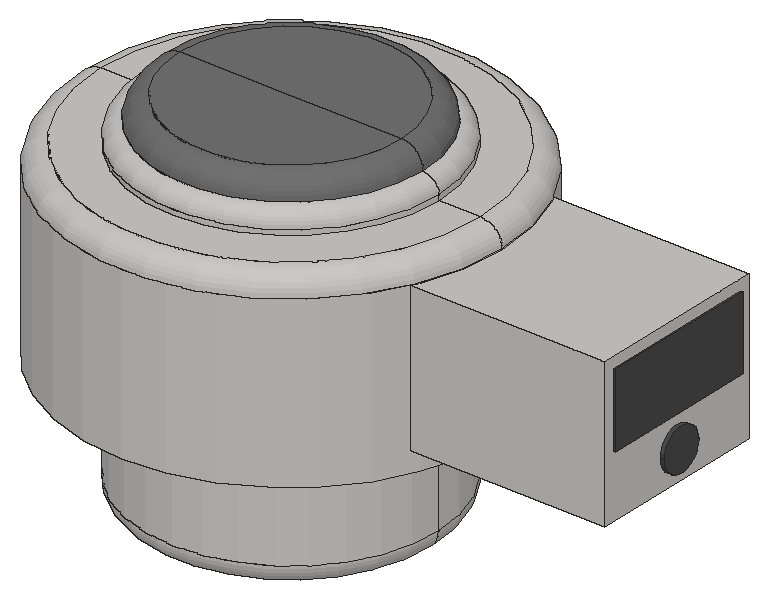
Revit family "QF_Vollrath_46110", category Specialty Equipment, Revit 2016
Family settings
  Part Type = Normal
  Round Connector Dimension = Use Diameter
  OmniClass Number = 23.40.40.14.14
  OmniClass Title = Food Preparation Equipment
  Work Plane-Based = No
  Always vertical = Yes
  Cut with Voids When Loaded = No
  Shared = No
  Room Calculation Point = No
Parameters
  Weight in Pounds = 4
  Watts = 230 W
  Volts = 230 V
  URL Cutsheet = ""
  URL = "www.vollrathco.com"
  Status [instance] = ""
  Specification by User [instance] = ""
  Specification by Manufacturer [instance] = ""
  Serial Number [instance] = ""
  Seismic Rating [instance] = ""
  SMACNA No [instance] = ""
  Revision Code [instance] = ""
  Phase = 1
  Number of Poles [instance] = 1
  NAFEM Spec ID Number [instance] = ""
  Model = "46110"
  Masterspec [instance] = ""
  Manufacturer = "Vollrath"
  Item Number [instance] = "-"
  Installed By [instance] = ""
  Height AFF [instance] = 3' - 0"
  Height [instance] = if(Fully Extended, 0' 5 1/4", 0' 4 1/4")  # 0' - 4 1/4"
  Furnished By [instance] = ""
  Fully Extended [instance] = no
  Foodservice Equipment Identifier [instance] = yes
  FL Amps = 1 A
  Electrical Remarks [instance] = ""
  Electric Connection Type [instance] = ""
  Elec Conn RI Height [instance] = 0' - 0"
  Elec Conn Connection Height [instance] = Height AFF + 0' 2 1/8"  # 3' - 2 1/8"
  Description = "Universal Electric Chafer Heater"
  Cycle = 50 Hz
  Conn Plug = "Schuko"
  CSI MasterFormat = "11 42 00"
  Assembly Code = "E1090320"
  Apparent Power = Volts * FL Amps  # 230 VA
Reference planes (in)
  plane 1 "Center LR": y = 0
  plane 2: z = 0
  plane 3 "Center FB": x = -23.93845
  plane 4 "RIGHT": x = -19.37595
  plane 5 "LEFT": x = -26.43845
  plane 6 "BACK": y = 2.5625
  plane 7 "FRONT": y = -2.5625
  plane 8 "BOTTOM": z = 36
  plane 9 "TOP": z = 40.25
  plane 10: z = 39.75
  plane 11: z = 40
  plane 12: x = -21.68845
  plane 13: z = 37.75
  plane 14: z = 39.5
  plane 15: y = 1.0625
  plane 16: y = -1.0625
Forms (in)
  Revolve 1, solid, material "QF_Finishes_Stainless Steel"
    sketch origin (0, 0, 0) x (1, 0, 0) y (0, 0, 1)
      loop
        line (-23.93845, 36) -> (-23.93845, 39.75) -> (-26.18845, 39.75)
        arc (-26.18845, 39.75) -> (-26.36523, 39.67678) -> (-26.43845, 39.5) r 0.25
        line (-26.43845, 39.5) -> (-26.43845, 37.5) -> (-25.93845, 37.5)
        arc (-25.93845, 37.5) -> (-25.76168, 37.42678) -> (-25.68845, 37.25) r 0.25
        line (-25.68845, 37.25) -> (-25.68845, 36.25)
        arc (-25.68845, 36.25) -> (-25.61523, 36.07322) -> (-25.43845, 36) r 0.25
        line (-25.43845, 36) -> (-23.93845, 36)
      axis (-23.93845, 39.75) -> (-23.93845, 36)
    angle from 0 to 360
  Revolve 2, solid, material "QF_Finishes_Stainless Steel"
    sketch origin (0, 0, 0) x (1, 0, 0) y (0, 0, 1)
      loop
        line (-23.93845, 39.75) -> (-23.93845, 40) -> (-25.50095, 40)
        arc (-25.50095, 40) -> (-25.63354, 39.94508) -> (-25.68845, 39.8125) r 0.1875
        line (-25.68845, 39.8125) -> (-25.68845, 39.75) -> (-23.93845, 39.75)
      axis (-23.93845, 40) -> (-23.93845, 39.75)
    angle from 0 to 360
  Revolve 3, solid, material "QF_Finishes_Dark Grey"
    sketch origin (0, 0, 0) x (1, 0, 0) y (0, 0, 1)
      loop
        line (-23.93845, 40) -> (-23.93845, 40.25) -> (-25.25095, 40.25)
        arc (-25.25095, 40.25) -> (-25.42773, 40.17678) -> (-25.50095, 40) r 0.25
        line (-25.50095, 40) -> (-23.93845, 40)
      axis (-23.93845, 40.25) -> (-23.93845, 40)
    angle from 0 to 360
  Extrusion 4, solid, material "QF_Finishes_Stainless Steel"
    sketch origin (-19.37595, 0, 0) x (0, 1, 0) y (0, 0, 1)
      loop
        line (-1.0625, 39.5) -> (-1.0625, 37.75) -> (1.0625, 37.75) -> (1.0625, 39.5) -> (-1.0625, 39.5)
    from 0 to -2.3125
  Extrusion 5, solid, material "QF_Finishes_Black"
    sketch origin (-19.37595, 0, 0) x (0, 1, 0) y (0, 0, 1)
      loop
        circle (0, 38.125) r 0.25
    from 0 to 0.0625
  Extrusion 6, solid, material "QF_Finishes_Black"
    sketch origin (-19.37595, 0, 0) x (0, 1, 0) y (0, 0, 1)
      loop
        line (0.9375, 38.5) -> (0.9375, 39.375) -> (-0.9375, 39.375) -> (-0.9375, 38.5) -> (0.9375, 38.5)
    from 0 to 0.03125
Lines and regions (in)
  symbolic lines
    curve 1: arc (-26.43845, 0, 0) -> (-23.93845, 2.5, 0) -> (-21.43845, 0, 0) r 2.5
    curve 2: arc (-21.43845, 0, 0) -> (-23.93845, -2.5, 0) -> (-26.43845, 0, 0) r 2.5
    curve 3: arc (-22.18845, 0, 0) -> (-23.93845, -1.75, 0) -> (-25.68845, 0, 0) r 1.75
    curve 4: arc (-25.68845, 0, 0) -> (-23.93845, 1.75, 0) -> (-22.18845, 0, 0) r 1.75
    curve 5: arc (-25.50095, 0, 0) -> (-23.93845, 1.5625, 0) -> (-22.37595, 0, 0) r 1.5625
    curve 6: arc (-22.37595, 0, 0) -> (-23.93845, -1.5625, 0) -> (-25.50095, 0, 0) r 1.5625
    curve 7: line (-19.37595, 1.0625, 0) -> (-21.67547, 1.0625, 0)
    curve 8: line (-21.67547, -1.0625, 0) -> (-19.37595, -1.0625, 0)
    curve 9: line (-19.37595, -1.0625, 0) -> (-19.37595, 1.0625, 0)
Dimensions and locks (in)
  "Height AFF": plane 8 "BOTTOM" to level
  "Height": plane 9 "TOP" to plane 8 "BOTTOM"
  locked: plane 9 "TOP" to plane 11 at 0.25
  locked: plane 10 to plane 8 "BOTTOM" at 3.75
  locked: plane 11 to Revolve 2 sketch curve at 0.1875
  locked: plane 5 "LEFT" to plane 4 "RIGHT" at 7.0625
  locked: plane 7 "FRONT" to plane 6 "BACK" at 5.125
  locked: plane 12 to plane 4 "RIGHT" at 2.3125
  locked: plane 13 to plane 8 "BOTTOM" at 1.75
  locked: plane 14 to plane 13 at 1.75
  locked: plane 16 to plane 15 at 2.125
  locked: Extrusion 5 sketch curve to plane 13 at 0.375
  locked: plane 14 to Extrusion 6 sketch curve at 0.125
  locked: Extrusion 6 sketch curve to plane 13 at 0.75
  locked: Extrusion 6 sketch curve to plane 15 at 0.125
  locked: plane 16 to Extrusion 6 sketch curve at 0.125
  aligned and locked: level to plane 2
  aligned and locked: plane 10 to Revolve 2 sketch curve
  aligned and locked: Revolve 2 sketch curve to plane 11
  aligned and locked: Revolve 3 sketch curve to plane 9 "TOP"
  aligned and locked: plane 11 to Revolve 3 sketch curve
  aligned and locked: Revolve 1 sketch curve to plane 10
  aligned and locked: Extrusion 4 sketch curve to plane 14
  aligned and locked: Extrusion 4 sketch curve to plane 16
  aligned and locked: plane 13 to Extrusion 4 sketch curve
  aligned and locked: plane 15 to Extrusion 4 sketch curve
  aligned and locked: Extrusion 4 to plane 12
Automatic sketch dimensions
  Revolve 1 sketch curve to plane 5 "LEFT" = 0' - 0"
  Revolve 1 sketch curve to plane 3 "Center FB" = 0' - 0"  (x2)
  Revolve 1 sketch curve to plane 8 "BOTTOM" = 0' - 0"
  plane 5 "LEFT" to Revolve 1 sketch curve = 0' - 0 1/4"
  plane 5 "LEFT" to Revolve 1 sketch curve = 0' - 0 1/2"
  Revolve 1 sketch curve to Revolve 1 sketch curve = 0' - 0 1/4"
  plane 8 "BOTTOM" to Revolve 1 sketch curve = 0' - 0 1/4"
  Revolve 1 sketch curve to level = 2' - 0"
  Revolve 1 sketch curve to Revolve 1 sketch curve = 0' - 1"
  plane 9 "TOP" to Revolve 1 sketch curve = 4' - 8.84174"
  Revolve 2 sketch curve to plane 3 "Center FB" = 0' - 0"  (x2)
  plane 5 "LEFT" to Revolve 2 sketch curve = 0' - 0 15/16"
  Revolve 2 sketch curve to level = 2' - 0"
  plane 9 "TOP" to Revolve 2 sketch curve = 4' - 8.84174"
  Revolve 3 sketch curve to plane 3 "Center FB" = 0' - 0"  (x2)
  plane 5 "LEFT" to Revolve 3 sketch curve = 0' - 1 3/16"
  Revolve 3 sketch curve to level = 2' - 0"
  plane 9 "TOP" to Revolve 3 sketch curve = 4' - 8.84174"
  Extrusion 5 sketch curve to plane 1 "Center LR" = 0' - 0"
  curve 1 to curve 3 = 0' - 0"  (x2)
  curve 1 to curve 5 = 0' - 0"  (x2)
  plane 1 "Center LR" to curve 1 = 0' - 0"
  curve 1 to plane 5 "LEFT" = 0' - 0"
  curve 3 to plane 3 "Center FB" = 0' - 0"
  plane 16 to curve 8 = 0' - 0"
  plane 15 to curve 7 = 0' - 0"
  curve 7 to plane 4 "RIGHT" = 0' - 0"
  plane 5 "LEFT" to curve 3 = 0' - 0 3/4"
  curve 3 to curve 5 = 0' - 0 3/16"
  radius of Extrusion 5 sketch curve = 0' - 0 1/4"
Connectors (in)
  electrical at (-19.31345, 0, 38.125), driven by "Number of Poles", driven by "Volts", driven by "Apparent Power"
    settings: on Extrusion 5, index 1, voltage 230 V, apparent load 230 VA, apparent load phase1 0 VA, apparent load phase2 0 VA, apparent load phase3 0 VA, power factor 1, load classification "Other", number of poles 1, system type 30, power factor state 1, is connector primary yes, connector utility no, sub classification motor no, connector description "Electric"
